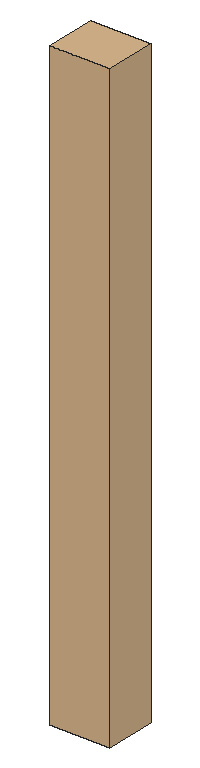
Revit family
Parameters (values of type "200 x 170 x 2020mm")
  URL = ""
  Type Comments = ""
  Model = "CD Holder"
  Material = Wood - Birch
  Manufacturer = "Revit"
  Keynote = "N"
  Description = "CD Holder"
  Cost = 0
  Assembly Code = "E2020200"
Reference planes
  plane 1 "Center (Front/Back)": y = 0
  plane 2: z = 0
  plane 3 "Center (Left/Right)": x = -67.433
  plane 4: x = -167.433
  plane 5: x = 32.567
  plane 6: y = 170
  plane 7: z = 2020
Forms (mm)
  Extrusion 1, solid, material "Wood - Birch" <- "Material"
    sketch origin (0, 0, 0) x (1, 0, 0) y (0, 1, 0)
      loop
        line (-167.433, 170) -> (-167.433, 0) -> (-149.433, 0) -> (-149.433, 170) -> (-167.433, 170)
      loop
        line (32.567, 170) -> (14.567, 170) -> (14.567, 0) -> (32.567, 0) -> (32.567, 170)
    from 0 to 2020
  Extrusion 2, solid, material "Wood - Birch" <- "Material"
    sketch origin (0, -34.484, 0) x (1, 0, 0) y (0, 1, 0)
      loop
        line (-149.433, 52.484) -> (-149.433, 34.484) -> (14.567, 34.484) -> (14.567, 52.484) -> (-149.433, 52.484)
    from 0 to 2020
  Extrusion 3, solid, material "Wood - Birch" <- "Material"
    sketch origin (0, 0, 0) x (1, 0, 0) y (0, 1, 0)
      loop
        line (-149.433, 156.96) -> (-149.433, 141.96) -> (14.567, 141.96) -> (14.567, 156.96) -> (-149.433, 156.96)
    from 0 to 20
  Extrusion 4, solid, material "Wood - Birch" <- "Material"
    sketch origin (0, 0, 0) x (1, 0, 0) y (0, 0, 1)
      loop
        line (-149.433, 2020) -> (-149.433, 2002) -> (14.567, 2002) -> (14.567, 2020) -> (-149.433, 2020)
    from -170 to -18
  Extrusion 5, solid, material "Wood - Birch" <- "Material"
    sketch origin (0, 0, -1982) x (1, 0, 0) y (0, 0, 1)
      loop
        line (-149.433, 2020) -> (-149.433, 2002) -> (14.567, 2002) -> (14.567, 2020) -> (-149.433, 2020)
    from -170 to -18
  Extrusion 6, solid, material "Wood - Birch" <- "Material"
    sketch origin (0, 0, -180.182) x (1, 0, 0) y (0, 0, 1)
      loop
        line (-149.433, 2020) -> (-149.433, 2002) -> (14.567, 2002) -> (14.567, 2020) -> (-149.433, 2020)
    from -170 to -18
  Extrusion 7, solid, material "Wood - Birch" <- "Material"
    sketch origin (0, 0, -360.364) x (1, 0, 0) y (0, 0, 1)
      loop
        line (-149.433, 2020) -> (-149.433, 2002) -> (14.567, 2002) -> (14.567, 2020) -> (-149.433, 2020)
    from -170 to -18
  Extrusion 8, solid, material "Wood - Birch" <- "Material"
    sketch origin (0, 0, -540.545) x (1, 0, 0) y (0, 0, 1)
      loop
        line (-149.433, 2020) -> (-149.433, 2002) -> (14.567, 2002) -> (14.567, 2020) -> (-149.433, 2020)
    from -170 to -18
  Extrusion 9, solid, material "Wood - Birch" <- "Material"
    sketch origin (0, 0, -720.727) x (1, 0, 0) y (0, 0, 1)
      loop
        line (-149.433, 2020) -> (-149.433, 2002) -> (14.567, 2002) -> (14.567, 2020) -> (-149.433, 2020)
    from -170 to -18
  Extrusion 10, solid, material "Wood - Birch" <- "Material"
    sketch origin (0, 0, -900.909) x (1, 0, 0) y (0, 0, 1)
      loop
        line (-149.433, 2020) -> (-149.433, 2002) -> (14.567, 2002) -> (14.567, 2020) -> (-149.433, 2020)
    from -170 to -18
  Extrusion 11, solid, material "Wood - Birch" <- "Material"
    sketch origin (0, 0, -1081.091) x (1, 0, 0) y (0, 0, 1)
      loop
        line (-149.433, 2020) -> (-149.433, 2002) -> (14.567, 2002) -> (14.567, 2020) -> (-149.433, 2020)
    from -170 to -18
  Extrusion 12, solid, material "Wood - Birch" <- "Material"
    sketch origin (0, 0, -1261.273) x (1, 0, 0) y (0, 0, 1)
      loop
        line (-149.433, 2020) -> (-149.433, 2002) -> (14.567, 2002) -> (14.567, 2020) -> (-149.433, 2020)
    from -170 to -18
  Extrusion 13, solid, material "Wood - Birch" <- "Material"
    sketch origin (0, 0, -1441.455) x (1, 0, 0) y (0, 0, 1)
      loop
        line (-149.433, 2020) -> (-149.433, 2002) -> (14.567, 2002) -> (14.567, 2020) -> (-149.433, 2020)
    from -170 to -18
  Extrusion 14, solid, material "Wood - Birch" <- "Material"
    sketch origin (0, 0, -1621.636) x (1, 0, 0) y (0, 0, 1)
      loop
        line (-149.433, 2020) -> (-149.433, 2002) -> (14.567, 2002) -> (14.567, 2020) -> (-149.433, 2020)
    from -170 to -18
  Extrusion 15, solid, material "Wood - Birch" <- "Material"
    sketch origin (0, 0, -1801.818) x (1, 0, 0) y (0, 0, 1)
      loop
        line (-149.433, 2020) -> (-149.433, 2002) -> (14.567, 2002) -> (14.567, 2020) -> (-149.433, 2020)
    from -170 to -18
Cuts and joins
  joined: Extrusion 1, Extrusion 2, Extrusion 4
Dimensions and locks
  equal spacing: plane 4, plane 3 "Center (Left/Right)", plane 5
  locked: plane 4 to plane 5 at 200
  locked: plane 1 "Center (Front/Back)" to plane 6 at 170
  locked: plane 7 to plane 2 at 2020
  equal spacing: group 1, group 3, group 4, group 5, group 6, group 7, group 8, group 9, group 10, group 11, group 12, group 2  (x2)
  equal spacing: group 2, group 12, group 11, group 10, group 9, group 8, group 7, group 6, group 5, group 4, group 3, group 1
  aligned and locked: plane 5 to Extrusion 1 sketch curve
  aligned and locked: Extrusion 1 sketch curve to plane 6
  aligned and locked: plane 1 "Center (Front/Back)" to Extrusion 1 sketch curve  (x2)
  aligned and locked: plane 6 to Extrusion 1 sketch curve
  aligned and locked: Extrusion 1 sketch curve to plane 4
  aligned and locked: Extrusion 1 to plane 7
  aligned and locked: Extrusion 1 to Extrusion 2 sketch curve  (x2)
  aligned and locked: Extrusion 2 to plane 7
  aligned and locked: plane 1 "Center (Front/Back)" to Extrusion 2
  aligned and locked: Extrusion 4 to plane 6
  aligned and locked: Extrusion 4 to Extrusion 2
